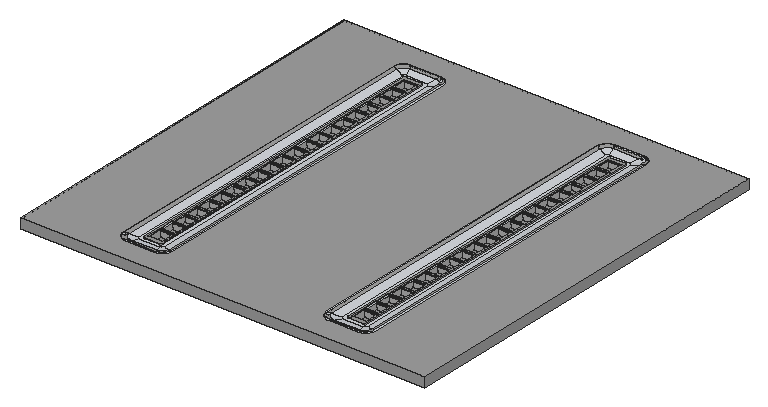
Revit family "0044001 Sylvania Lighting Fixture OptiClip 600 4000K C8 WH DALI WHITE", category Lighting Fixtures, host Face, Revit 2016 (continued)
Automatic sketch dimensions
  Blend 25 sketch curve to plane 64 = 4.7 mm
  Extrusion 26 sketch curve to plane 75 = 0 mm
  Extrusion 26 sketch curve to plane 77 = 0 mm
  Extrusion 26 sketch curve to plane 76 = 0 mm
  Extrusion 26 sketch curve to plane 74 = 0 mm
  Extrusion 27 sketch curve to plane 77 = 0 mm
  Extrusion 27 sketch curve to plane 76 = 0 mm
  plane 33 to Extrusion 27 sketch curve = 4.7 mm
  Extrusion 27 sketch curve to plane 32 = 4.7 mm
  Extrusion 28 sketch curve to plane 77 = 0 mm
  Extrusion 28 sketch curve to plane 76 = 0 mm
  plane 35 to Extrusion 28 sketch curve = 4.655 mm
  Extrusion 28 sketch curve to plane 34 = 4.7 mm
  Extrusion 29 sketch curve to plane 77 = 0 mm
  Extrusion 29 sketch curve to plane 76 = 0 mm
  plane 37 to Extrusion 29 sketch curve = 4.745 mm
  Extrusion 29 sketch curve to plane 36 = 4.7 mm
  Extrusion 30 sketch curve to plane 77 = 0 mm
  Extrusion 30 sketch curve to plane 76 = 0 mm
  plane 39 to Extrusion 30 sketch curve = 4.7 mm
  Extrusion 30 sketch curve to plane 38 = 4.7 mm
  Extrusion 31 sketch curve to plane 77 = 0 mm
  Extrusion 31 sketch curve to plane 76 = 0 mm
  plane 41 to Extrusion 31 sketch curve = 4.7 mm
  Extrusion 31 sketch curve to plane 40 = 4.7 mm
  Extrusion 32 sketch curve to plane 77 = 0 mm
  Extrusion 32 sketch curve to plane 76 = 0 mm
  plane 43 to Extrusion 32 sketch curve = 4.7 mm
  Extrusion 32 sketch curve to plane 42 = 4.7 mm
  Extrusion 33 sketch curve to plane 77 = 0 mm
  Extrusion 33 sketch curve to plane 76 = 0 mm
  plane 45 to Extrusion 33 sketch curve = 4.674 mm
  Extrusion 33 sketch curve to plane 44 = 4.7 mm
  Extrusion 34 sketch curve to plane 77 = 0 mm
  Extrusion 34 sketch curve to plane 76 = 0 mm
  plane 47 to Extrusion 34 sketch curve = 4.726 mm
  Extrusion 34 sketch curve to plane 46 = 4.7 mm
  Extrusion 35 sketch curve to plane 77 = 0 mm
  Extrusion 35 sketch curve to plane 76 = 0 mm
  plane 49 to Extrusion 35 sketch curve = 4.7 mm
  Extrusion 35 sketch curve to plane 48 = 4.7 mm
  Extrusion 36 sketch curve to plane 77 = 0 mm
  Extrusion 36 sketch curve to plane 76 = 0 mm
  plane 51 to Extrusion 36 sketch curve = 4.7 mm
  Extrusion 36 sketch curve to plane 50 = 4.7 mm
  Extrusion 37 sketch curve to plane 77 = 0 mm
  Extrusion 37 sketch curve to plane 76 = 0 mm
  plane 53 to Extrusion 37 sketch curve = 4.7 mm
  Extrusion 37 sketch curve to plane 52 = 4.7 mm
  Extrusion 38 sketch curve to plane 77 = 0 mm
  Extrusion 38 sketch curve to plane 76 = 0 mm
  plane 55 to Extrusion 38 sketch curve = 4.7 mm
  Extrusion 38 sketch curve to plane 54 = 4.7 mm
  Extrusion 39 sketch curve to plane 77 = 0 mm
  Extrusion 39 sketch curve to plane 76 = 0 mm
  plane 57 to Extrusion 39 sketch curve = 4.655 mm
  Extrusion 39 sketch curve to plane 56 = 4.7 mm
  Extrusion 40 sketch curve to plane 77 = 0 mm
  Extrusion 40 sketch curve to plane 76 = 0 mm
  plane 59 to Extrusion 40 sketch curve = 4.745 mm
  Extrusion 40 sketch curve to plane 58 = 4.7 mm
  Extrusion 41 sketch curve to plane 77 = 0 mm
  Extrusion 41 sketch curve to plane 76 = 0 mm
  plane 61 to Extrusion 41 sketch curve = 4.7 mm
  Extrusion 41 sketch curve to plane 60 = 4.7 mm
  Extrusion 42 sketch curve to plane 77 = 0 mm
  Extrusion 42 sketch curve to plane 76 = 0 mm
  plane 63 to Extrusion 42 sketch curve = 4.7 mm
  Extrusion 42 sketch curve to plane 62 = 4.7 mm
  Extrusion 43 sketch curve to plane 77 = 0 mm
  Extrusion 43 sketch curve to plane 76 = 0 mm
  plane 65 to Extrusion 43 sketch curve = 4.7 mm
  Extrusion 43 sketch curve to plane 64 = 4.7 mm
  Extrusion 44 sketch curve to plane 77 = 0 mm
  Extrusion 44 sketch curve to plane 76 = 0 mm
  plane 67 to Extrusion 44 sketch curve = 4.7 mm
  Extrusion 44 sketch curve to plane 66 = 4.7 mm
  Extrusion 45 sketch curve to plane 77 = 0 mm
  Extrusion 45 sketch curve to plane 76 = 0 mm
  plane 69 to Extrusion 45 sketch curve = 4.7 mm
  Extrusion 45 sketch curve to plane 68 = 4.7 mm
  Extrusion 46 sketch curve to plane 77 = 0 mm
  Extrusion 46 sketch curve to plane 76 = 0 mm
  plane 71 to Extrusion 46 sketch curve = 4.7 mm
  Extrusion 46 sketch curve to plane 70 = 4.7 mm
  plane 25 to Blend 47 sketch curve = 2.5 mm  (x2)
  plane 3 "Center (Left/Right)" to Blend 47 sketch curve = 114 mm
  Blend 47 sketch curve to plane 24 = 1 mm
  Blend 47 sketch curve to Blend 47 sketch curve = 15 mm  (x2)
  Blend 47 sketch curve to Blend 47 sketch curve = 42 mm  (x2)
  plane 20 to Blend 47 sketch curve = 0 mm
  plane 80 to Blend 47 sketch curve = 2 mm  (x2)
  plane 3 "Center (Left/Right)" to Blend 47 sketch curve = 130.5 mm
  plane 25 to Blend 47 sketch curve = 1 mm
  Blend 47 sketch curve to plane 81 = 2.155 mm
  Blend 47 sketch curve to Blend 47 sketch curve = 4 mm
  Blend 47 sketch curve to Blend 47 sketch curve = 30.692 mm
  Blend 47 sketch curve to Blend 47 sketch curve = 0.297 mm
  Blend 47 sketch curve to plane 81 = 2.222 mm
  Blend 47 sketch curve to Blend 47 sketch curve = 3.933 mm
  plane 24 to Blend 48 sketch curve = 0 mm
  plane 22 to Blend 48 sketch curve = 0 mm
  Blend 48 sketch curve to plane 20 = 1.5 mm  (x2)
  plane 25 to Blend 48 sketch curve = 2.5 mm  (x2)
  Blend 48 sketch curve to plane 10 = 110 mm
  Blend 48 sketch curve to Blend 48 sketch curve = 42 mm
  plane 26 to Blend 48 sketch curve = 0 mm
  plane 25 to Blend 48 sketch curve = 0 mm
  Blend 48 sketch curve to plane 81 = 2.155 mm  (x2)
  Blend 48 sketch curve to plane 81 = 2.066 mm
  plane 80 to Blend 48 sketch curve = 2 mm  (x2)
  Blend 48 sketch curve to plane 10 = 126.5 mm
  Blend 48 sketch curve to Blend 48 sketch curve = 3.014 mm
  Blend 48 sketch curve to Blend 48 sketch curve = 31.034 mm
  Blend 48 sketch curve to Blend 48 sketch curve = 30.692 mm
  plane 30 to Extrusion 49 sketch curve = 0 mm
  plane 29 to Extrusion 49 sketch curve = 0 mm
  plane 3 "Center (Left/Right)" to Extrusion 49 sketch curve = 140 mm
  Extrusion 49 sketch curve to Extrusion 49 sketch curve = 22 mm
  Blend 50 sketch curve to plane 67 = 0 mm
  Blend 50 sketch curve to plane 66 = 0 mm
  Blend 50 sketch curve to plane 73 = 0 mm
  Blend 50 sketch curve to plane 72 = 0 mm
  Blend 50 sketch curve to plane 77 = 0 mm
  Blend 50 sketch curve to plane 76 = 0 mm
  plane 67 to Blend 50 sketch curve = 4.7 mm
  Blend 50 sketch curve to plane 66 = 4.7 mm
  Blend 51 sketch curve to plane 69 = 0 mm
  Blend 51 sketch curve to plane 68 = 0 mm
  Blend 51 sketch curve to plane 73 = 0 mm
  Blend 51 sketch curve to plane 72 = 0 mm
  Blend 51 sketch curve to plane 77 = 0 mm
  Blend 51 sketch curve to plane 76 = 0 mm
  plane 69 to Blend 51 sketch curve = 4.7 mm
  Blend 51 sketch curve to plane 68 = 4.7 mm
  Blend 52 sketch curve to plane 71 = 0 mm
  Blend 52 sketch curve to plane 70 = 0 mm
  Blend 52 sketch curve to plane 73 = 0 mm
  Blend 52 sketch curve to plane 72 = 0 mm
  Blend 52 sketch curve to plane 77 = 0 mm
  Blend 52 sketch curve to plane 76 = 0 mm
  plane 71 to Blend 52 sketch curve = 4.7 mm
  Blend 52 sketch curve to plane 70 = 4.7 mm
  plane 82 to Extrusion 53 sketch curve = 0 mm  (x2)
  Extrusion 53 sketch curve to plane 80 = 0 mm
  plane 81 to Extrusion 53 sketch curve = 0 mm
  plane 3 "Center (Left/Right)" to Extrusion 53 sketch curve = 137.5 mm
  Extrusion 53 sketch curve to plane 30 = 1.726 mm
  Extrusion 53 sketch curve to Extrusion 53 sketch curve = 2.284 mm
  Extrusion 53 sketch curve to Extrusion 53 sketch curve = 22 mm
  Extrusion 53 sketch curve to plane 30 = 1.536 mm
  Extrusion 53 sketch curve to Extrusion 53 sketch curve = 2.456 mm
  plane 31 to Blend 54 sketch curve = 0 mm
  Blend 54 sketch curve to plane 29 = 1.75 mm
  Blend 54 sketch curve to plane 10 = 133.539 mm
  Blend 54 sketch curve to Blend 54 sketch curve = 20.961 mm
  plane 75 to Blend 54 sketch curve = 0 mm
  plane 74 to Blend 54 sketch curve = 0 mm
  Blend 54 sketch curve to plane 10 = 138.039 mm
  Blend 54 sketch curve to Blend 54 sketch curve = 11.961 mm
  plane 33 to Blend 55 sketch curve = 0 mm
  plane 32 to Blend 55 sketch curve = 0 mm
  Blend 55 sketch curve to plane 10 = 133.539 mm
  Blend 55 sketch curve to Blend 55 sketch curve = 20.961 mm
  plane 33 to Blend 55 sketch curve = 4.7 mm
  Blend 55 sketch curve to plane 32 = 4.7 mm
  Blend 55 sketch curve to plane 10 = 138.039 mm
  Blend 55 sketch curve to Blend 55 sketch curve = 11.961 mm
  plane 34 to Blend 56 sketch curve = 0 mm
  Blend 56 sketch curve to plane 35 = 0.045 mm
  Blend 56 sketch curve to plane 10 = 133.539 mm
  Blend 56 sketch curve to Blend 56 sketch curve = 20.961 mm
  plane 35 to Blend 56 sketch curve = 4.655 mm
  Blend 56 sketch curve to plane 34 = 4.7 mm
  Blend 56 sketch curve to plane 10 = 138.039 mm
  Blend 56 sketch curve to Blend 56 sketch curve = 11.961 mm
  plane 36 to Blend 57 sketch curve = 0 mm
  plane 37 to Blend 57 sketch curve = 0.045 mm
  Blend 57 sketch curve to plane 10 = 133.539 mm
  Blend 57 sketch curve to Blend 57 sketch curve = 20.961 mm
  plane 37 to Blend 57 sketch curve = 4.745 mm
  Blend 57 sketch curve to plane 36 = 4.7 mm
  Blend 57 sketch curve to plane 10 = 138.039 mm
  Blend 57 sketch curve to Blend 57 sketch curve = 11.961 mm
  plane 39 to Blend 58 sketch curve = 0 mm
  plane 38 to Blend 58 sketch curve = 0 mm
  Blend 58 sketch curve to plane 10 = 133.539 mm
  Blend 58 sketch curve to Blend 58 sketch curve = 20.961 mm
  plane 39 to Blend 58 sketch curve = 4.7 mm
  Blend 58 sketch curve to plane 38 = 4.7 mm
  Blend 58 sketch curve to plane 10 = 138.039 mm
  Blend 58 sketch curve to Blend 58 sketch curve = 11.961 mm
  plane 41 to Blend 59 sketch curve = 0 mm
  plane 40 to Blend 59 sketch curve = 0 mm
  Blend 59 sketch curve to plane 10 = 133.539 mm
  Blend 59 sketch curve to Blend 59 sketch curve = 20.961 mm
  plane 41 to Blend 59 sketch curve = 4.7 mm
  Blend 59 sketch curve to plane 40 = 4.7 mm
  Blend 59 sketch curve to plane 10 = 138.039 mm
  Blend 59 sketch curve to Blend 59 sketch curve = 11.961 mm
  plane 43 to Blend 60 sketch curve = 0 mm
  plane 42 to Blend 60 sketch curve = 0 mm
  Blend 60 sketch curve to plane 10 = 133.539 mm
  Blend 60 sketch curve to Blend 60 sketch curve = 20.961 mm
  plane 43 to Blend 60 sketch curve = 4.7 mm
  Blend 60 sketch curve to plane 42 = 4.7 mm
  Blend 60 sketch curve to plane 10 = 138.039 mm
  Blend 60 sketch curve to Blend 60 sketch curve = 11.961 mm
  plane 44 to Blend 61 sketch curve = 0 mm
  Blend 61 sketch curve to plane 45 = 0.026 mm
  Blend 61 sketch curve to plane 10 = 133.539 mm
  Blend 61 sketch curve to Blend 61 sketch curve = 20.961 mm
  plane 45 to Blend 61 sketch curve = 4.674 mm
  Blend 61 sketch curve to plane 44 = 4.7 mm
  Blend 61 sketch curve to plane 10 = 138.039 mm
  Blend 61 sketch curve to Blend 61 sketch curve = 11.961 mm
  plane 46 to Blend 62 sketch curve = 0 mm
  plane 47 to Blend 62 sketch curve = 0.026 mm
  Blend 62 sketch curve to plane 10 = 133.539 mm
  Blend 62 sketch curve to Blend 62 sketch curve = 20.961 mm
  plane 47 to Blend 62 sketch curve = 4.726 mm
  Blend 62 sketch curve to plane 46 = 4.7 mm
  Blend 62 sketch curve to plane 10 = 138.039 mm
  Blend 62 sketch curve to Blend 62 sketch curve = 11.961 mm
  plane 49 to Blend 63 sketch curve = 0 mm
  plane 48 to Blend 63 sketch curve = 0 mm
  Blend 63 sketch curve to plane 10 = 133.539 mm
  Blend 63 sketch curve to Blend 63 sketch curve = 20.961 mm
  plane 49 to Blend 63 sketch curve = 4.7 mm
  Blend 63 sketch curve to plane 48 = 4.7 mm
  Blend 63 sketch curve to plane 10 = 138.039 mm
  Blend 63 sketch curve to Blend 63 sketch curve = 11.961 mm
  plane 51 to Blend 64 sketch curve = 0 mm
  plane 50 to Blend 64 sketch curve = 0 mm
  Blend 64 sketch curve to plane 10 = 133.539 mm
  Blend 64 sketch curve to Blend 64 sketch curve = 20.961 mm
  plane 51 to Blend 64 sketch curve = 4.7 mm
  Blend 64 sketch curve to plane 50 = 4.7 mm
  Blend 64 sketch curve to plane 10 = 138.039 mm
  Blend 64 sketch curve to Blend 64 sketch curve = 11.961 mm
  plane 53 to Blend 65 sketch curve = 0 mm
  plane 52 to Blend 65 sketch curve = 0 mm
  Blend 65 sketch curve to plane 10 = 133.539 mm
  Blend 65 sketch curve to Blend 65 sketch curve = 20.961 mm
  plane 53 to Blend 65 sketch curve = 4.7 mm
  Blend 65 sketch curve to plane 52 = 4.7 mm
  Blend 65 sketch curve to plane 10 = 138.039 mm
  Blend 65 sketch curve to Blend 65 sketch curve = 11.961 mm
  plane 55 to Blend 66 sketch curve = 0 mm
  plane 54 to Blend 66 sketch curve = 0 mm
  Blend 66 sketch curve to plane 10 = 133.539 mm
  Blend 66 sketch curve to Blend 66 sketch curve = 20.961 mm
  plane 55 to Blend 66 sketch curve = 4.7 mm
  Blend 66 sketch curve to plane 54 = 4.7 mm
  Blend 66 sketch curve to plane 10 = 138.039 mm
  Blend 66 sketch curve to Blend 66 sketch curve = 11.961 mm
  plane 56 to Blend 67 sketch curve = 0 mm
  Blend 67 sketch curve to plane 57 = 0.045 mm
  Blend 67 sketch curve to plane 10 = 133.539 mm
  Blend 67 sketch curve to Blend 67 sketch curve = 20.961 mm
  plane 57 to Blend 67 sketch curve = 4.655 mm
  Blend 67 sketch curve to plane 56 = 4.7 mm
  Blend 67 sketch curve to plane 10 = 138.039 mm
  Blend 67 sketch curve to Blend 67 sketch curve = 11.961 mm
  plane 58 to Blend 68 sketch curve = 0 mm
  plane 59 to Blend 68 sketch curve = 0.045 mm
  Blend 68 sketch curve to plane 10 = 133.539 mm
  Blend 68 sketch curve to Blend 68 sketch curve = 20.961 mm
  plane 59 to Blend 68 sketch curve = 4.745 mm
  Blend 68 sketch curve to plane 58 = 4.7 mm
  Blend 68 sketch curve to plane 10 = 138.039 mm
  Blend 68 sketch curve to Blend 68 sketch curve = 11.961 mm
  plane 61 to Blend 69 sketch curve = 0 mm
  plane 60 to Blend 69 sketch curve = 0 mm
  Blend 69 sketch curve to plane 10 = 133.539 mm
  Blend 69 sketch curve to Blend 69 sketch curve = 20.961 mm
  plane 61 to Blend 69 sketch curve = 4.7 mm
  Blend 69 sketch curve to plane 60 = 4.7 mm
  Blend 69 sketch curve to plane 10 = 138.039 mm
  Blend 69 sketch curve to Blend 69 sketch curve = 11.961 mm
  plane 63 to Blend 70 sketch curve = 0 mm
  plane 62 to Blend 70 sketch curve = 0 mm
  Blend 70 sketch curve to plane 10 = 133.539 mm
  Blend 70 sketch curve to Blend 70 sketch curve = 20.961 mm
  plane 63 to Blend 70 sketch curve = 4.7 mm
  Blend 70 sketch curve to plane 62 = 4.7 mm
  Blend 70 sketch curve to plane 10 = 138.039 mm
  Blend 70 sketch curve to Blend 70 sketch curve = 11.961 mm
  plane 65 to Blend 71 sketch curve = 0 mm
  plane 64 to Blend 71 sketch curve = 0 mm
  Blend 71 sketch curve to plane 10 = 133.539 mm
  Blend 71 sketch curve to Blend 71 sketch curve = 20.961 mm
  plane 65 to Blend 71 sketch curve = 4.7 mm
  Blend 71 sketch curve to plane 64 = 4.7 mm
  Blend 71 sketch curve to plane 10 = 138.039 mm
  Blend 71 sketch curve to Blend 71 sketch curve = 11.961 mm
  plane 67 to Blend 72 sketch curve = 0 mm
  plane 66 to Blend 72 sketch curve = 0 mm
  Blend 72 sketch curve to plane 10 = 133.539 mm
  Blend 72 sketch curve to Blend 72 sketch curve = 20.961 mm
  plane 67 to Blend 72 sketch curve = 4.7 mm
  Blend 72 sketch curve to plane 66 = 4.7 mm
  Blend 72 sketch curve to plane 10 = 138.039 mm
  Blend 72 sketch curve to Blend 72 sketch curve = 11.961 mm
  plane 69 to Blend 73 sketch curve = 0 mm
  plane 68 to Blend 73 sketch curve = 0 mm
  Blend 73 sketch curve to plane 10 = 133.539 mm
  Blend 73 sketch curve to Blend 73 sketch curve = 20.961 mm
  plane 69 to Blend 73 sketch curve = 4.7 mm
  Blend 73 sketch curve to plane 68 = 4.7 mm
  Blend 73 sketch curve to plane 10 = 138.039 mm
  Blend 73 sketch curve to Blend 73 sketch curve = 11.961 mm
  plane 71 to Blend 74 sketch curve = 0 mm
  plane 70 to Blend 74 sketch curve = 0 mm
  Blend 74 sketch curve to plane 10 = 133.539 mm
  Blend 74 sketch curve to Blend 74 sketch curve = 20.961 mm
  plane 71 to Blend 74 sketch curve = 4.7 mm
  Blend 74 sketch curve to plane 70 = 4.7 mm
  Blend 74 sketch curve to plane 10 = 138.039 mm
  Blend 74 sketch curve to Blend 74 sketch curve = 11.961 mm
  plane 75 to Extrusion 75 sketch curve = 0 mm
  plane 74 to Extrusion 75 sketch curve = 0 mm
  plane 3 "Center (Left/Right)" to Extrusion 75 sketch curve = 145 mm
  Extrusion 75 sketch curve to Extrusion 75 sketch curve = 11.961 mm
  plane 33 to Extrusion 76 sketch curve = 4.7 mm
  plane 3 "Center (Left/Right)" to Extrusion 76 sketch curve = 145 mm
  Extrusion 76 sketch curve to Extrusion 76 sketch curve = 11.961 mm
  Extrusion 76 sketch curve to plane 32 = 4.7 mm
  plane 35 to Extrusion 77 sketch curve = 4.655 mm
  plane 3 "Center (Left/Right)" to Extrusion 77 sketch curve = 145 mm
  Extrusion 77 sketch curve to Extrusion 77 sketch curve = 11.961 mm
  Extrusion 77 sketch curve to plane 34 = 4.7 mm
  plane 37 to Extrusion 78 sketch curve = 4.745 mm
  plane 3 "Center (Left/Right)" to Extrusion 78 sketch curve = 145 mm
  Extrusion 78 sketch curve to Extrusion 78 sketch curve = 11.961 mm
  Extrusion 78 sketch curve to plane 36 = 4.7 mm
  plane 39 to Extrusion 79 sketch curve = 4.7 mm
  plane 3 "Center (Left/Right)" to Extrusion 79 sketch curve = 145 mm
  Extrusion 79 sketch curve to Extrusion 79 sketch curve = 11.961 mm
  Extrusion 79 sketch curve to plane 38 = 4.7 mm
  plane 41 to Extrusion 80 sketch curve = 4.7 mm
  plane 3 "Center (Left/Right)" to Extrusion 80 sketch curve = 145 mm
  Extrusion 80 sketch curve to Extrusion 80 sketch curve = 11.961 mm
  Extrusion 80 sketch curve to plane 40 = 4.7 mm
  plane 43 to Extrusion 81 sketch curve = 4.7 mm
  plane 3 "Center (Left/Right)" to Extrusion 81 sketch curve = 145 mm
  Extrusion 81 sketch curve to Extrusion 81 sketch curve = 11.961 mm
  Extrusion 81 sketch curve to plane 42 = 4.7 mm
  plane 45 to Extrusion 82 sketch curve = 4.674 mm
  plane 3 "Center (Left/Right)" to Extrusion 82 sketch curve = 145 mm
  Extrusion 82 sketch curve to Extrusion 82 sketch curve = 11.961 mm
  Extrusion 82 sketch curve to plane 44 = 4.7 mm
  plane 47 to Extrusion 83 sketch curve = 4.726 mm
  plane 3 "Center (Left/Right)" to Extrusion 83 sketch curve = 145 mm
  Extrusion 83 sketch curve to Extrusion 83 sketch curve = 11.961 mm
  Extrusion 83 sketch curve to plane 46 = 4.7 mm
  plane 49 to Extrusion 84 sketch curve = 4.7 mm
  plane 3 "Center (Left/Right)" to Extrusion 84 sketch curve = 145 mm
  Extrusion 84 sketch curve to Extrusion 84 sketch curve = 11.961 mm
  Extrusion 84 sketch curve to plane 48 = 4.7 mm
  plane 51 to Extrusion 85 sketch curve = 4.7 mm
  plane 3 "Center (Left/Right)" to Extrusion 85 sketch curve = 145 mm
  Extrusion 85 sketch curve to Extrusion 85 sketch curve = 11.961 mm
  Extrusion 85 sketch curve to plane 50 = 4.7 mm
  plane 53 to Extrusion 86 sketch curve = 4.7 mm
  plane 3 "Center (Left/Right)" to Extrusion 86 sketch curve = 145 mm
  Extrusion 86 sketch curve to Extrusion 86 sketch curve = 11.961 mm
  Extrusion 86 sketch curve to plane 52 = 4.7 mm
  plane 55 to Extrusion 87 sketch curve = 4.7 mm
  plane 3 "Center (Left/Right)" to Extrusion 87 sketch curve = 145 mm
  Extrusion 87 sketch curve to Extrusion 87 sketch curve = 11.961 mm
  Extrusion 87 sketch curve to plane 54 = 4.7 mm
  plane 57 to Extrusion 88 sketch curve = 4.655 mm
  plane 3 "Center (Left/Right)" to Extrusion 88 sketch curve = 145 mm
  Extrusion 88 sketch curve to Extrusion 88 sketch curve = 11.961 mm
  Extrusion 88 sketch curve to plane 56 = 4.7 mm
  plane 59 to Extrusion 89 sketch curve = 4.745 mm
  plane 3 "Center (Left/Right)" to Extrusion 89 sketch curve = 145 mm
  Extrusion 89 sketch curve to Extrusion 89 sketch curve = 11.961 mm
  Extrusion 89 sketch curve to plane 58 = 4.7 mm
  plane 61 to Extrusion 90 sketch curve = 4.7 mm
  plane 3 "Center (Left/Right)" to Extrusion 90 sketch curve = 145 mm
  Extrusion 90 sketch curve to Extrusion 90 sketch curve = 11.961 mm
  Extrusion 90 sketch curve to plane 60 = 4.7 mm
  plane 63 to Extrusion 91 sketch curve = 4.7 mm
  plane 3 "Center (Left/Right)" to Extrusion 91 sketch curve = 145 mm
  Extrusion 91 sketch curve to Extrusion 91 sketch curve = 11.961 mm
  Extrusion 91 sketch curve to plane 62 = 4.7 mm
  plane 65 to Extrusion 92 sketch curve = 4.7 mm
  plane 3 "Center (Left/Right)" to Extrusion 92 sketch curve = 145 mm
  Extrusion 92 sketch curve to Extrusion 92 sketch curve = 11.961 mm
  Extrusion 92 sketch curve to plane 64 = 4.7 mm
  plane 67 to Extrusion 93 sketch curve = 4.7 mm
  plane 3 "Center (Left/Right)" to Extrusion 93 sketch curve = 145 mm
  Extrusion 93 sketch curve to Extrusion 93 sketch curve = 11.961 mm
  Extrusion 93 sketch curve to plane 66 = 4.7 mm
  plane 69 to Extrusion 94 sketch curve = 4.7 mm
  plane 3 "Center (Left/Right)" to Extrusion 94 sketch curve = 145 mm
  Extrusion 94 sketch curve to Extrusion 94 sketch curve = 11.961 mm
  Extrusion 94 sketch curve to plane 68 = 4.7 mm
  plane 71 to Extrusion 95 sketch curve = 4.7 mm
  plane 3 "Center (Left/Right)" to Extrusion 95 sketch curve = 145 mm
  Extrusion 95 sketch curve to Extrusion 95 sketch curve = 11.961 mm
  Extrusion 95 sketch curve to plane 70 = 4.7 mm
  Extrusion 96 sketch curve to plane 7 = 0 mm
  plane 8 to Extrusion 96 sketch curve = 0 mm
  plane 6 to Extrusion 96 sketch curve = 0 mm
  plane 5 to Extrusion 96 sketch curve = 0 mm
Connectors
  electrical at (0, 0, -1.008)
    settings: on cut or joined group of Extrusion 2, Extrusion 3, Blend 5, Blend 48, index 1, voltage 0 V, apparent load 0 VA, apparent load phase1 0 VA, apparent load phase2 0 VA, apparent load phase3 0 VA, power factor 1, load classification "Other", number of poles 1, system type 31, power factor state 1, is connector primary yes, connector utility no, sub classification motor no, connector description ""
